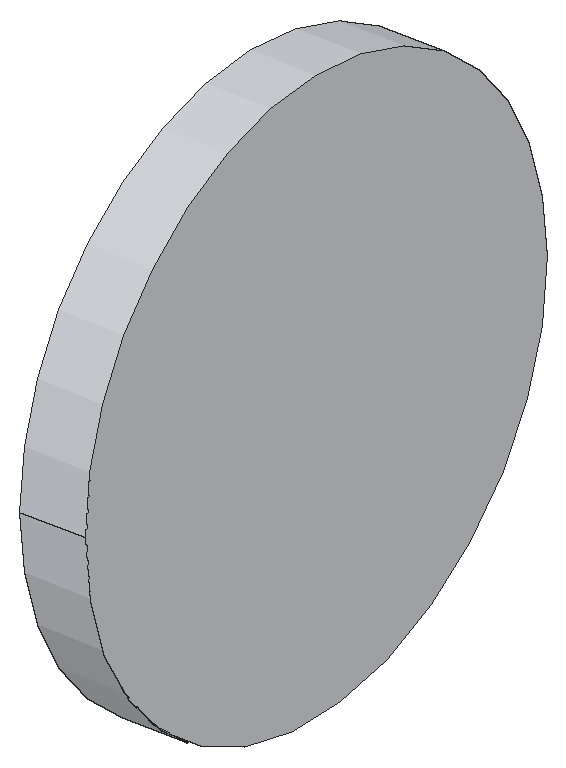
Revit family "bd9761dcf791489d8c980c39a14e88fa", category Pipe Fittings, Revit 2021
Family settings
  Round Connector Dimension = Use Radius
  Part Type = Cap
  OmniClass Number = 23.60.30.11.14
  OmniClass Title = Pipework Fittings
  Seek Item ID = Flange - Threaded - GI - Class 250-0000-USA-ENU
  Work Plane-Based = No
  Always vertical = Yes
  Cut with Voids When Loaded = No
  Shared = No
Parameters (values of type "Standard")
  Tick Size [instance] = Flange Diameter * 0.4  # 4.0000"
  Nominal Radius [instance] = 2.0000"
  Nominal Diameter [instance] = Nominal Radius * 2  # 4.0000"
  Loss Method = Not Defined
  Lookup Table Name = "Flange - Blind - Steel - Class 300_C207"
  Flange Thickness [instance] = size_lookup(Lookup Table Name, "FThk", 0.08 * Nominal Diameter + 0.7500", Nominal Diameter)  # 1.1300"
  Flange Radius [instance] = Flange Diameter / 2  # 5.0000"
  Flange Diameter [instance] = size_lookup(Lookup Table Name, "FDia", 1.2 * Nominal Diameter + 5.5200", Nominal Diameter)  # 10.0000"
  Default Elevation = 0.0000"
Reference planes (in)
  plane 1 "Center (Front/Back)": y = 0
  plane 2: z = 0
  plane 3 "Center (Left/Right)": x = 0
  plane 4: y = 4
  plane 5: y = -4
  plane 6: x = 1.13
Forms (in)
  Extrusion 1, solid, detail levels fine
    sketch origin (0, 0, 0) x (0, 1, 0) y (0, 0, 1)
      loop
        circle (0, 0) r 5
    from 0 to 1.13
Lines and regions (in)
  model lines, detail levels coarse+medium
    curve 1: line (0, 4, 0) -> (0, -4, 0)
Dimensions and locks (in)
  equal spacing: plane 4, plane 1 "Center (Front/Back)", plane 5
  "Tick Size": plane 4 to plane 1 "Center (Front/Back)"
  "Flange Thickness": plane 3 "Center (Left/Right)" to plane 6
  "Flange Radius": radius of Extrusion 1 sketch curve
  aligned and locked: plane 4 to curve 1
  aligned and locked: plane 5 to curve 1
  aligned and locked: plane 6 to Extrusion 1
  aligned and locked: Extrusion 1 to plane 3 "Center (Left/Right)"
  aligned and locked: curve 1 to plane 3 "Center (Left/Right)"
Automatic sketch dimensions
  Extrusion 1 sketch curve to level = 0.0000"
  Extrusion 1 sketch curve to plane 1 "Center (Front/Back)" = 0.0000"
Connectors (in)
  piping at (0, 0, 0), diameter 4, driven by "Nominal Radius"
    settings: on Extrusion 1, index 1, connector inside diameter 4.0000", connector length 0.0000", flow factor 0, pipe flow 0 GPM, pressure drop 0.00 psi, fitting loss kfactor 0, connector angle 0.00°, fixture units 0, engagement length 0.0000", angle of deflection 0.00°, flow configuration 0, flow direction 0, fitting loss method 0, system type 28, joint type 0, gender type 0, connector reference index -1, connector utility 0, adjustable connector no, is connector primary yes, connector description ""
